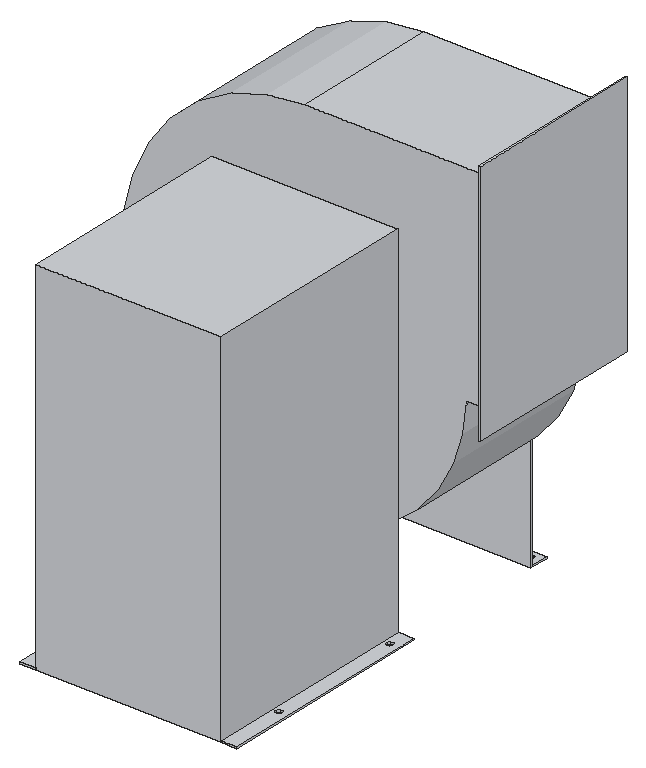
Revit family "CPA", category Mechanical Equipment, Revit 2019
Family settings
  Round Connector Dimension = Use Radius
  Part Type = Normal
  Work Plane-Based = No
  Always vertical = Yes
  Cut with Voids When Loaded = No
  Shared = No
  Room Calculation Point = No
Parameters (values of type "165-CPA_CLASS_1")
  Z = 7 3/16"
  Y = 8 5/8"
  X = 21 1/4"
  W+M = W + M  # 19 1/8"
  W+1.5+K+L = W + 1 1/2" + K + L  # 32 13/16"
  W+1.5 = W + 1 1/2"  # 5 1/2"
  W = 4"
  V = 8"
  Unit Weight [instance] = ""
  UNCHECK = not(CHECK)  # no
  UBD_CW [instance] = if(CW, (if(UBD, CHECK, UNCHECK)), UNCHECK)  # no
  UBD_CCW [instance] = if(CCW, (if(UBD, CHECK, UNCHECK)), UNCHECK)  # no
  UBD [instance] = no
  U-.125 = U - 1/8"  # 1 1/2"
  U = 1 5/8"
  THD_CW [instance] = if(CW, (if(THD, CHECK, UNCHECK)), UNCHECK)  # yes
  THD_CCW [instance] = if(CCW, (if(THD, CHECK, UNCHECK)), UNCHECK)  # no
  THD [instance] = yes
  TAU_CW [instance] = if(CW, (if(TAU, CHECK, UNCHECK)), UNCHECK)  # no
  TAU_CCW [instance] = if(CCW, (if(TAU, CHECK, UNCHECK)), UNCHECK)  # no
  TAU [instance] = no
  TAD_CW [instance] = if(CW, (if(TAD, CHECK, UNCHECK)), UNCHECK)  # no
  TAD_CCW [instance] = if(CCW, (if(TAD, CHECK, UNCHECK)), UNCHECK)  # no
  TAD [instance] = no
  T = 3/4"
  Sones [instance] = ""
  S/2 = S / 2  # 9/32"
  S = 9/16"
  R = 1"
  Q = 3"
  P-U = P - U  # 38 1/4"
  P = 39 7/8"
  N = 14 7/16"
  Motor RPM [instance] = ""
  Motor Enclosure [instance] = ""
  ModelID [instance] = ""
  M = 15 1/8"
  LwA [instance] = ""
  L = 15 5/16"
  K = 12"
  J = 15 13/16"
  H = 31 7/16"
  G-V = G - V  # 1 3/8"
  G = 9 3/8"
  Fan RPM [instance] = ""
  F-.125 = F - 1/8"  # 16 1/4"
  F = 16 3/8"
  E-F = E - F  # 15 11/16"
  E = 32 1/16"
  DBD_CW [instance] = if(CW, (if(DBD, CHECK, UNCHECK)), UNCHECK)  # no
  DBD_CCW [instance] = if(CCW, (if(DBD, CHECK, UNCHECK)), UNCHECK)  # no
  DBD [instance] = no
  D = 20 7/16"
  CW [instance] = yes
  CLASS = 1"
  CHECK = yes
  CCW [instance] = not(CW)  # no
  C/8*7 = C / 8 * 2.5  # 6 159/256"
  C/8 = C / 6  # 3 17/32"
  C/2 = C / 2  # 10 19/32"
  C = 21 3/16"
  Brake Hp [instance] = ""
  BHD_CW [instance] = if(CW, (if(BHD, CHECK, UNCHECK)), UNCHECK)  # no
  BHD_CCW [instance] = if(CCW, (if(BHD, CHECK, UNCHECK)), UNCHECK)  # no
  BHD [instance] = no
  BAU_CW [instance] = if(CW, (if(BAU, CHECK, UNCHECK)), UNCHECK)  # no
  BAU_CCW [instance] = if(CCW, (if(BAU, CHECK, UNCHECK)), UNCHECK)  # no
  BAU [instance] = no
  BAD_CW [instance] = if(CW, (if(BAD, CHECK, UNCHECK)), UNCHECK)  # no
  BAD_CCW [instance] = if(CCW, (if(BAD, CHECK, UNCHECK)), UNCHECK)  # no
  BAD [instance] = no
  B = 18 1/16"
  Accessories [instance] = ""
  A+.25 = A + 1/4"  # 12 7/8"
  A = 12 5/8"
  CUT = 2"
  3" = 3"  # constant formula
  1'8" = 20"  # constant formula
  0 = 0"  # constant formula
  Voltage [instance] = 0 V
  URL = "www.lorencook.com"
  Type Comments = if(CLASS = 1", "Aluminum Flat Blade Centrifugal Blower Arrangement 10 Class 1", "Aluminum Flat Blade Centrifugal Blower Arrangement 10 Class 2")  # "Aluminum Flat Blade Centrifugal Blower Arrangement 10 Class 1"
  Static Pressure [instance] = 0.00 in-wg
  Power [instance] = Voltage * Motor FLA * sqrt(if(Phase = 3, 3, 1))  # 0 VA
  Phase [instance] = 0
  Number of Poles [instance] = 1
  Motor Hp [instance] = "0"
  Motor FLA [instance] = 0 A
  Model = if(CLASS = 1", "CPA_CLASS_1", "CPA_CLASS_2")  # "CPA_CLASS_1"
  Manufacturer = "Loren Cook Company"
  CFM [instance] = 0 CFM
  1.5 = 1 1/2"  # constant formula
  ONE EIGTH = 1/8"  # constant formula
  -1.5 = -1 1/2"  # constant formula
  -.125 = -1/8"  # constant formula
  -(A+.25) = -(A + 1/4")  # -12 7/8"
  (C/2)-1.5 = (C / 2) - 1 1/2"  # 9 3/32"
  (C/2)-.25 = (C / 2) - 1/4"  # 10 11/32"
Types (34): name | Z | Y | X | W+M | W+1.5+K+L | W+1.5 | W | V | U-.125 | U | THD_CW | THD_CCW | T | S/2 | S | R | Q | P-U | P | N | M | L | K | J | H | G-V | G | F-.125 | F | E-F | E | D | CW | CLASS | CCW | C/8*7 | C/8 | C/2 | C | B | A+.25 | A | CUT | Type Comments | Model | -(A+.25) | (C/2)-1.5 | (C/2)-.25
  (no name) | 7 3/16" | 8 5/8" | 21 1/4" | 19 1/8" | 32 13/16" | 5 1/2" | 4" | 8" | 1 1/2" | 1 5/8" | yes | no | 3/4" | 9/32" | 9/16" | 1" | 3" | 38 1/4" | 39 7/8" | 14 7/16" | 15 1/8" | 15 5/16" | 12" | 15 13/16" | 31 7/16" | 1 3/8" | 9 3/8" | 16 1/4" | 16 3/8" | 15 11/16" | 32 1/16" | 20 7/16" | yes | 1" | no | 6 159/256" | 3 17/32" | 10 19/32" | 21 3/16" | 18 1/16" | 12 7/8" | 12 5/8" | 2" | "Aluminum Flat Blade Centrifugal Blower Arrangement 10 Class 1" | "CPA_CLASS_1" | -12 7/8" | 9 3/32" | 10 11/32"
  135-CPA_CLASS_1 | 6" | 8 5/8" | 17 15/16" | 19 1/8" | 30 1/2" | 5 1/2" | 4" | 8" | 1 1/2" | 1 5/8" | yes | no | 3/4" | 9/32" | 9/16" | 1" | 3" | 32 9/16" | 34 3/16" | 12 1/8" | 15 1/8" | 13" | 12" | 13 1/2" | 27" | 1 3/8" | 9 3/8" | 13 3/4" | 13 7/8" | 12 13/16" | 26 11/16" | 18" | yes | 1" | no | 5 65/128" | 2 15/16" | 8 13/16" | 17 5/8" | 14 3/4" | 10 9/16" | 10 5/16" | 2" | "Aluminum Flat Blade Centrifugal Blower Arrangement 10 Class 1" | "CPA_CLASS_1" | -10 9/16" | 7 5/16" | 8 9/16"
  150-CPA_CLASS_1 | 6 9/16" | 8 5/8" | 19 5/8" | 19 1/8" | 31 5/8" | 5 1/2" | 4" | 8" | 1 1/2" | 1 5/8" | yes | no | 3/4" | 9/32" | 9/16" | 1" | 3" | 35 1/2" | 37 1/8" | 13 1/4" | 15 1/8" | 14 1/8" | 12" | 14 5/8" | 29 1/16" | 1 3/8" | 9 3/8" | 15 3/16" | 15 5/16" | 14 1/4" | 29 9/16" | 19 1/16" | yes | 1" | no | 5 125/128" | 3 3/16" | 9 9/16" | 19 1/8" | 16 7/16" | 11 11/16" | 11 7/16" | 2" | "Aluminum Flat Blade Centrifugal Blower Arrangement 10 Class 1" | "CPA_CLASS_1" | -11 11/16" | 8 1/16" | 9 5/16"
  165-CPA_CLASS_1 | 7 3/16" | 8 5/8" | 21 1/4" | 19 1/8" | 32 13/16" | 5 1/2" | 4" | 8" | 1 1/2" | 1 5/8" | yes | no | 3/4" | 9/32" | 9/16" | 1" | 3" | 38 1/4" | 39 7/8" | 14 7/16" | 15 1/8" | 15 5/16" | 12" | 15 13/16" | 31 7/16" | 1 3/8" | 9 3/8" | 16 1/4" | 16 3/8" | 15 11/16" | 32 1/16" | 20 7/16" | yes | 1" | no | 6 159/256" | 3 17/32" | 10 19/32" | 21 3/16" | 18 1/16" | 12 7/8" | 12 5/8" | 2" | "Aluminum Flat Blade Centrifugal Blower Arrangement 10 Class 1" | "CPA_CLASS_1" | -12 7/8" | 9 3/32" | 10 11/32"
  180-CPA_CLASS_1 | 7 3/4" | 9 5/8" | 22 7/8" | 19 1/8" | 33 15/16" | 5 1/2" | 4" | 9" | 1 1/2" | 1 5/8" | yes | no | 3/4" | 9/32" | 9/16" | 1 3/16" | 3" | 41 1/2" | 43 1/8" | 15 9/16" | 15 1/8" | 16 7/16" | 12" | 16 15/16" | 33 9/16" | 1 3/8" | 10 3/8" | 17 1/2" | 17 5/8" | 17 1/8" | 34 3/4" | 22 1/16" | yes | 1" | no | 7 23/256" | 3 25/32" | 11 11/32" | 22 11/16" | 19 11/16" | 14" | 13 3/4" | 2" | "Aluminum Flat Blade Centrifugal Blower Arrangement 10 Class 1" | "CPA_CLASS_1" | -14" | 9 27/32" | 11 3/32"
  195-CPA_CLASS_1 | 8 5/16" | 9 5/8" | 24 1/2" | 22 1/8" | 38 1/8" | 5 1/2" | 4" | 9" | 1 1/2" | 1 5/8" | yes | no | 3/4" | 9/32" | 9/16" | 1 3/16" | 3" | 44 3/4" | 46 3/8" | 16 3/4" | 18 1/8" | 17 5/8" | 15" | 18 3/16" | 35 11/16" | 1 3/8" | 10 3/8" | 17 11/16" | 17 13/16" | 18 1/2" | 36 5/16" | 23 11/16" | yes | 1" | no | 7 143/256" | 4 1/32" | 12 3/32" | 24 3/16" | 21 5/16" | 15 3/16" | 14 15/16" | 2" | "Aluminum Flat Blade Centrifugal Blower Arrangement 10 Class 1" | "CPA_CLASS_1" | -15 3/16" | 10 19/32" | 11 27/32"
  210-CPA_CLASS_1 | 8 7/8" | 10 5/8" | 26 3/16" | 23 1/8" | 40 1/4" | 6 1/2" | 5" | 10" | 1 1/2" | 1 5/8" | yes | no | 3/4" | 9/32" | 9/16" | 1 7/16" | 4" | 48 1/8" | 49 3/4" | 17 7/8" | 18 1/8" | 18 3/4" | 15" | 19 5/16" | 38 7/8" | 1 3/8" | 11 3/8" | 19 7/8" | 20" | 19 15/16" | 39 15/16" | 25 3/8" | yes | 1" | no | 8 27/256" | 4.32292" | 12 31/32" | 25 15/16" | 23" | 16 5/16" | 16 1/16" | 2" | "Aluminum Flat Blade Centrifugal Blower Arrangement 10 Class 1" | "CPA_CLASS_1" | -16 5/16" | 11 15/32" | 12 23/32"
  225-CPA_CLASS_1 | 9 7/16" | 11 1/8" | 27 13/16" | 23 1/8" | 41 3/8" | 6 1/2" | 5" | 10 1/2" | 1 1/2" | 1 5/8" | yes | no | 3/4" | 9/32" | 9/16" | 1 7/16" | 4" | 51 3/8" | 53" | 19" | 18 1/8" | 19 7/8" | 15" | 20 7/16" | 41" | 1 3/8" | 11 7/8" | 20 1/2" | 20 5/8" | 21 3/8" | 42" | 27" | yes | 1" | no | 8 147/256" | 4.57292" | 13 23/32" | 27 7/16" | 24 5/8" | 17 7/16" | 17 3/16" | 2" | "Aluminum Flat Blade Centrifugal Blower Arrangement 10 Class 1" | "CPA_CLASS_1" | -17 7/16" | 12 7/32" | 13 15/32"
  245-CPA_CLASS_1 | 10 1/2" | 12 3/8" | 31" | 23 1/8" | 43 3/16" | 6 1/2" | 5" | 11 1/2" | 2" | 2 1/8" | yes | no | 1" | 11/32" | 11/16" | 1 11/16" | 4" | 56 1/8" | 58 1/4" | 21 1/16" | 18 1/8" | 21 11/16" | 15" | 23" | 44 5/8" | 1 7/8" | 13 3/8" | 21 5/8" | 21 3/4" | 23 5/16" | 45 1/16" | 29 5/8" | yes | 1" | no | 9 51/256" | 4 29/32" | 14 23/32" | 29 7/16" | 26 13/16" | 19" | 18 3/4" | 2" | "Aluminum Flat Blade Centrifugal Blower Arrangement 10 Class 1" | "CPA_CLASS_1" | -19" | 13 7/32" | 14 15/32"
  270-CPA_CLASS_1 | 11 7/16" | 13 3/8" | 33 3/4" | 26 1/8" | 48 1/16" | 6 1/2" | 5" | 12 1/2" | 2" | 2 1/8" | yes | no | 1" | 11/32" | 11/16" | 1 11/16" | 4" | 61 5/8" | 63 3/4" | 22 15/16" | 21 1/8" | 23 9/16" | 18" | 24 7/8" | 48 7/8" | 1 7/8" | 14 3/8" | 23 1/4" | 23 3/8" | 25 11/16" | 49 1/16" | 32 3/8" | yes | 1" | no | 9 251/256" | 5.32292" | 15 31/32" | 31 15/16" | 29 9/16" | 20 7/8" | 20 5/8" | 2 1/4" | "Aluminum Flat Blade Centrifugal Blower Arrangement 10 Class 1" | "CPA_CLASS_1" | -20 7/8" | 14 15/32" | 15 23/32"
  300-CPA_CLASS_1 | 12 5/8" | 14 5/16" | 37" | 26 3/16" | 50 1/2" | 6 1/2" | 5" | 13 1/2" | 2" | 2 1/8" | yes | no | 1" | 11/32" | 11/16" | 1 15/16" | 4" | 69 1/8" | 71 1/4" | 25 5/16" | 21 3/16" | 26" | 18" | 27 3/16" | 53 5/8" | 1 13/16" | 15 5/16" | 25 3/4" | 25 7/8" | 28 1/2" | 54 3/8" | 35 5/8" | yes | 1" | no | 10 235/256" | 5.82292" | 17 15/32" | 34 15/16" | 32 13/16" | 23 3/16" | 22 15/16" | 2 1/2" | "Aluminum Flat Blade Centrifugal Blower Arrangement 10 Class 1" | "CPA_CLASS_1" | -23 3/16" | 15 31/32" | 17 7/32"
  330-CPA_CLASS_1 | 13 3/4" | 15 13/16" | 40 5/16" | 26 3/16" | 52 13/16" | 6 1/2" | 5" | 15" | 2" | 2 1/8" | yes | no | 1" | 13/32" | 13/16" | 1 15/16" | 4" | 74 5/8" | 76 3/4" | 27 5/8" | 21 3/16" | 28 5/16" | 18" | 29 7/16" | 58 3/8" | 1 13/16" | 16 13/16" | 28 5/16" | 28 7/16" | 31 3/8" | 59 13/16" | 38 7/8" | yes | 1" | no | 11 219/256" | 6.32292" | 18 31/32" | 37 15/16" | 36 1/8" | 25 1/2" | 25 1/4" | 2 3/4" | "Aluminum Flat Blade Centrifugal Blower Arrangement 10 Class 1" | "CPA_CLASS_1" | -25 1/2" | 17 15/32" | 18 23/32"
  365-CPA_CLASS_1 | 15 1/16" | 16 13/16" | 44 3/16" | 30 3/16" | 59 7/16" | 7 1/2" | 6" | 16" | 2" | 2 1/8" | yes | no | 1" | 13/32" | 13/16" | 2 3/16" | 5" | 82 3/8" | 84 1/2" | 30 1/4" | 24 3/16" | 30 15/16" | 21" | 32 1/16" | 64 1/4" | 1 13/16" | 17 13/16" | 31 5/16" | 31 7/16" | 34 11/16" | 66 1/8" | 42 3/4" | yes | 1" | no | 12 243/256" | 6 29/32" | 20 23/32" | 41 7/16" | 39 15/16" | 28 1/8" | 27 7/8" | 3" | "Aluminum Flat Blade Centrifugal Blower Arrangement 10 Class 1" | "CPA_CLASS_1" | -28 1/8" | 19 7/32" | 20 15/32"
  402-CPA_CLASS_1 | 17" | 18 13/16" | 48 5/16" | 30 3/16" | 62 13/16" | 7 1/2" | 6" | 18" | 2" | 2 1/8" | yes | no | 1" | 13/32" | 13/16" | 2 3/16" | 5" | 90 3/8" | 92 1/2" | 34 1/8" | 24 3/16" | 34 5/16" | 21" | 34 15/16" | 70 1/4" | 1 13/16" | 19 13/16" | 34 9/16" | 34 11/16" | 38 1/4" | 72 15/16" | 46 3/4" | yes | 1" | no | 14 31/256" | 7 17/32" | 22 19/32" | 45 3/16" | 44 1/16" | 31" | 30 3/4" | 3 1/4" | "Aluminum Flat Blade Centrifugal Blower Arrangement 10 Class 1" | "CPA_CLASS_1" | -31" | 21 3/32" | 22 11/32"
  445-CPA_CLASS_1 | 18 5/8" | 20 13/16" | 52 15/16" | 34 3/16" | 70 1/16" | 7 1/2" | 6" | 20" | 2" | 2 1/8" | yes | no | 1" | 13/32" | 13/16" | 2 7/16" | 5" | 99 5/8" | 101 3/4" | 37 3/8" | 28 3/16" | 37 9/16" | 25" | 38 3/16" | 76 7/8" | 1 13/16" | 21 13/16" | 38 3/16" | 38 5/16" | 42 1/4" | 80 9/16" | 51 3/8" | yes | 1" | no | 15 115/256" | 8.23958" | 24 23/32" | 49 7/16" | 48 11/16" | 34 1/4" | 34" | 3 1/2" | "Aluminum Flat Blade Centrifugal Blower Arrangement 10 Class 1" | "CPA_CLASS_1" | -34 1/4" | 23 7/32" | 24 15/32"
  490-CPA_CLASS_1 | 20 3/8" | 22 13/16" | 57 7/8" | 34 3/16" | 73 1/2" | 7 1/2" | 6" | 22" | 2" | 2 1/8" | no | yes | 1" | 13/32" | 13/16" | 2 7/16" | 5" | 109 3/8" | 111 1/2" | 40 3/16" | 28 3/16" | 41" | 25" | 41 5/8" | 84 1/4" | 1 13/16" | 23 13/16" | 42 1/16" | 42 3/16" | 46 9/16" | 88 3/4" | 56 1/4" | no | 1" | yes | 17 3/16" | 9.16667" | 27 1/2" | 55" | 53 5/8" | 37 7/16" | 37 3/16" | 4" | "Aluminum Flat Blade Centrifugal Blower Arrangement 10 Class 1" | "CPA_CLASS_1" | -37 7/16" | 26" | 27 1/4"
  120-CPA_CLASS_1 | 5 7/16" | 8 5/8" | 16 5/16" | 17 1/8" | 27 3/8" | 5 1/2" | 4" | 8" | 1 1/2" | 1 5/8" | yes | no | 3/4" | 9/32" | 9/16" | 1" | 3" | 30 15/16" | 32 9/16" | 11" | 13 1/8" | 11 7/8" | 10" | 12 3/8" | 26 1/4" | 1 3/8" | 9 3/8" | 13 1/4" | 13 3/8" | 11 7/16" | 24 13/16" | 18" | yes | 1" | no | 5 5/128" | 2 11/16" | 8 1/16" | 16 1/8" | 13 1/8" | 9 7/16" | 9 3/16" | 2 1/2" | "Aluminum Flat Blade Centrifugal Blower Arrangement 10 Class 1" | "CPA_CLASS_1" | -9 7/16" | 6 9/16" | 7 13/16"
  100-CPA_CLASS_1 | 4 5/8" | 8 5/8" | 14 1/16" | 17 1/8" | 25 3/4" | 5 1/2" | 4" | 8" | 1 1/2" | 1 5/8" | yes | no | 3/4" | 9/32" | 9/16" | 1" | 3" | 28 3/4" | 30 3/8" | 9 3/8" | 13 1/8" | 10 1/4" | 10" | 10 3/4" | 25 1/4" | 1 3/8" | 9 3/8" | 12 5/8" | 12 3/4" | 9 1/2" | 22 1/4" | 18" | yes | 1" | no | 4 53/128" | 2.35417" | 7 1/16" | 14 1/8" | 10 15/16" | 7 13/16" | 7 9/16" | 3 1/2" | "Aluminum Flat Blade Centrifugal Blower Arrangement 10 Class 1" | "CPA_CLASS_1" | -7 13/16" | 5 9/16" | 6 13/16"
  120-CPA_CLASS_2 | 5 9/16" | 9 5/8" | 16 5/16" | 25 1/8" | 35 13/16" | 5 1/2" | 4" | 9" | 1 1/2" | 1 5/8" | yes | no | 3/4" | 9/32" | 9/16" | 1 7/16" | 3" | 35" | 36 5/8" | 11 1/4" | 21 1/8" | 12 5/16" | 18" | 12 3/8" | 30 1/4" | 1 3/8" | 10 3/8" | 13 1/4" | 13 3/8" | 11 1/2" | 24 7/8" | 22" | yes | 2" | no | 5 5/128" | 2 11/16" | 8 1/16" | 16 1/8" | 13 1/8" | 9 7/16" | 9 3/16" | 2 1/2" | "Aluminum Flat Blade Centrifugal Blower Arrangement 10 Class 2" | "CPA_CLASS_2" | -9 7/16" | 6 9/16" | 7 13/16"
  135-CPA_CLASS_2 | 6 1/8" | 9 5/8" | 17 15/16" | 25 1/8" | 36 15/16" | 5 1/2" | 4" | 9" | 1 1/2" | 1 5/8" | yes | no | 3/4" | 9/32" | 9/16" | 1 7/16" | 3" | 36 5/8" | 38 1/4" | 12 3/8" | 21 1/8" | 13 7/16" | 18" | 13 1/2" | 31" | 1 3/8" | 10 3/8" | 13 3/4" | 13 7/8" | 12 7/8" | 26 3/4" | 22" | yes | 2" | no | 5 65/128" | 2 15/16" | 8 13/16" | 17 5/8" | 13 1/8" | 10 9/16" | 10 5/16" | 2" | "Aluminum Flat Blade Centrifugal Blower Arrangement 10 Class 2" | "CPA_CLASS_2" | -10 9/16" | 7 5/16" | 8 9/16"
  150-CPA_CLASS_2 | 6 11/16" | 10 1/8" | 19 5/8" | 25 1/8" | 38 123/128" | 5 1/2" | 4" | 9 1/2" | 1 1/2" | 1 5/8" | yes | no | 3/4" | 9/32" | 9/16" | 1 7/16" | 3" | 38 1/4" | 39 7/8" | 13 1/2" | 21 1/8" | 15 59/128" | 18" | 14 5/8" | 32" | 1 3/8" | 10 7/8" | 15 3/16" | 15 5/16" | 14 5/16" | 29 5/8" | 22" | yes | 2" | no | 5 125/128" | 3 3/16" | 9 9/16" | 19 1/8" | 16 7/16" | 11 11/16" | 11 7/16" | 2" | "Aluminum Flat Blade Centrifugal Blower Arrangement 10 Class 2" | "CPA_CLASS_2" | -11 11/16" | 8 1/16" | 9 5/16"
  165-CPA_CLASS_2 | 7 5/8" | 12 1/4" | 21 1/4" | 29 1/4" | 43 3/4" | 5 1/2" | 4" | 11 1/4" | 1 1/2" | 1 5/8" | yes | no | 3/4" | 9/32" | 9/16" | 1 7/16" | 3" | 41 7/8" | 43 1/2" | 15 1/16" | 25 1/4" | 16 1/8" | 22 1/8" | 15 13/16" | 35" | 1 3/4" | 13" | 16 1/4" | 16 3/8" | 15 3/4" | 32 1/8" | 24" | yes | 2" | no | 6 159/256" | 3 17/32" | 10 19/32" | 21 3/16" | 18 1/16" | 12 7/8" | 12 5/8" | 2" | "Aluminum Flat Blade Centrifugal Blower Arrangement 10 Class 2" | "CPA_CLASS_2" | -12 7/8" | 9 3/32" | 10 11/32"
  180-CPA_CLASS_2 | 8 3/16" | 12 1/4" | 22 7/8" | 29 1/4" | 44 7/8" | 5 1/2" | 4" | 11 1/4" | 1 1/2" | 1 5/8" | yes | no | 3/4" | 9/32" | 9/16" | 1 11/16" | 3" | 43 1/2" | 45 1/8" | 16 3/16" | 25 1/4" | 17 1/4" | 22 1/8" | 16 15/16" | 35 1/2" | 1 3/4" | 13" | 17 1/2" | 17 5/8" | 17 3/16" | 34 13/16" | 24" | yes | 2" | no | 7 23/256" | 3 25/32" | 11 11/32" | 22 11/16" | 19 11/16" | 14" | 13 3/4" | 2" | "Aluminum Flat Blade Centrifugal Blower Arrangement 10 Class 2" | "CPA_CLASS_2" | -14" | 9 27/32" | 11 3/32"
  195-CPA_CLASS_2 | 8 13/16" | 13" | 24 1/2" | 29 1/4" | 46 1/8" | 5 1/2" | 4" | 12" | 1 1/2" | 1 5/8" | yes | no | 3/4" | 9/32" | 9/16" | 1 11/16" | 3" | 45 3/8" | 47" | 17 3/8" | 25 1/4" | 18 1/2" | 22 1/8" | 18 3/16" | 36 1/4" | 1 3/4" | 13 3/4" | 17 11/16" | 17 13/16" | 18 9/16" | 36 3/8" | 24 1/4" | yes | 2" | no | 7 143/256" | 4 1/32" | 12 3/32" | 24 3/16" | 21 5/16" | 15 3/16" | 14 15/16" | 2" | "Aluminum Flat Blade Centrifugal Blower Arrangement 10 Class 2" | "CPA_CLASS_2" | -15 3/16" | 10 19/32" | 11 27/32"
  210-CPA_CLASS_2 | 9 3/8" | 13" | 26 3/16" | 30 1/4" | 48 1/4" | 6 1/2" | 5" | 12" | 1 1/2" | 1 5/8" | yes | no | 3/4" | 9/32" | 9/16" | 1 11/16" | 4" | 48 3/16" | 49 13/16" | 18 1/2" | 25 1/4" | 19 5/8" | 22 1/8" | 19 5/16" | 39" | 1 3/4" | 13 3/4" | 19 7/8" | 20" | 20" | 40" | 25 3/8" | yes | 2" | no | 8 27/256" | 4.32292" | 12 31/32" | 25 15/16" | 23" | 16 5/16" | 16 1/16" | 2" | "Aluminum Flat Blade Centrifugal Blower Arrangement 10 Class 2" | "CPA_CLASS_2" | -16 5/16" | 11 15/32" | 12 23/32"
  225-CPA_CLASS_2 | 10 1/16" | 13 1/8" | 27 13/16" | 30 1/4" | 49 1/2" | 6 1/2" | 5" | 12 1/16" | 1 1/2" | 1 5/8" | yes | no | 3/4" | 9/32" | 9/16" | 1 11/16" | 4" | 51 9/16" | 53 3/16" | 19 3/4" | 25 1/4" | 20 7/8" | 22 1/8" | 20 7/16" | 41" | 1 13/16" | 13 7/8" | 20 1/2" | 20 5/8" | 21 7/16" | 42 1/16" | 27" | yes | 2" | no | 8 147/256" | 4.57292" | 13 23/32" | 27 7/16" | 24 5/8" | 17 7/16" | 17 3/16" | 2" | "Aluminum Flat Blade Centrifugal Blower Arrangement 10 Class 2" | "CPA_CLASS_2" | -17 7/16" | 12 7/32" | 13 15/32"
  245-CPA_CLASS_2 | 10 5/8" | 13 15/16" | 31" | 32 5/16" | 52 15/16" | 6 1/2" | 5" | 13 1/8" | 2" | 2 1/8" | yes | no | 1" | 11/32" | 11/16" | 1 15/16" | 4" | 56 3/16" | 58 5/16" | 21 5/16" | 27 5/16" | 22 5/16" | 24 1/8" | 23" | 44 5/8" | 1 13/16" | 14 15/16" | 21 5/8" | 21 3/4" | 23 3/8" | 45 1/8" | 29 5/8" | yes | 2" | no | 9 51/256" | 4 29/32" | 14 23/32" | 29 7/16" | 26 13/16" | 19" | 18 3/4" | 2" | "Aluminum Flat Blade Centrifugal Blower Arrangement 10 Class 2" | "CPA_CLASS_2" | -19" | 13 7/32" | 14 15/32"
  270-CPA_CLASS_2 | 12 1/16" | 14 7/16" | 33 3/4" | 32 5/16" | 55 5/16" | 6 1/2" | 5" | 13 1/8" | 2" | 2 1/8" | yes | no | 1" | 11/32" | 11/16" | 1 15/16" | 4" | 61 11/16" | 63 13/16" | 23 11/16" | 27 5/16" | 24 11/16" | 24 1/8" | 24 7/8" | 48 7/8" | 2 5/16" | 15 7/16" | 23 1/4" | 23 3/8" | 25 3/4" | 49 1/8" | 32 3/8" | yes | 2" | no | 9 251/256" | 5.32292" | 15 31/32" | 31 15/16" | 29 9/16" | 20 7/8" | 20 5/8" | 2 1/4" | "Aluminum Flat Blade Centrifugal Blower Arrangement 10 Class 2" | "CPA_CLASS_2" | -20 7/8" | 14 15/32" | 15 23/32"
  300-CPA_CLASS_2 | 13 5/16" | 15 1/16" | 37" | 34 3/16" | 59 11/16" | 6 1/2" | 5" | 13 11/16" | 2" | 2 1/8" | yes | no | 1" | 11/32" | 11/16" | 2 3/16" | 4" | 68 1/4" | 70 3/8" | 26 3/16" | 29 3/16" | 27 3/16" | 26" | 27 3/16" | 53 5/8" | 2 3/8" | 16 1/16" | 25 3/4" | 25 7/8" | 28 5/8" | 54 1/2" | 35 5/8" | yes | 2" | no | 10 235/256" | 5.82292" | 17 15/32" | 34 15/16" | 32 13/16" | 23 3/16" | 22 15/16" | 2 1/2" | "Aluminum Flat Blade Centrifugal Blower Arrangement 10 Class 2" | "CPA_CLASS_2" | -23 3/16" | 15 31/32" | 17 7/32"
  330-CPA_CLASS_2 | 14 9/16" | 16 5/8" | 40 5/16" | 34 3/16" | 62 1/16" | 6 1/2" | 5" | 15 1/4" | 2" | 2 1/8" | yes | no | 1" | 13/32" | 13/16" | 2 3/16" | 4" | 74 3/4" | 76 7/8" | 28 9/16" | 29 3/16" | 29 9/16" | 26" | 29 7/16" | 58 3/8" | 2 3/8" | 17 5/8" | 28 5/16" | 28 7/16" | 31 1/2" | 59 15/16" | 38 7/8" | yes | 2" | no | 11 219/256" | 6.32292" | 18 31/32" | 37 15/16" | 36 1/8" | 25 1/2" | 25 1/4" | 2 3/4" | "Aluminum Flat Blade Centrifugal Blower Arrangement 10 Class 2" | "CPA_CLASS_2" | -25 1/2" | 17 15/32" | 18 23/32"
  365-CPA_CLASS_2 | 16 1/8" | 17 13/16" | 44 3/16" | 35 1/4" | 66 1/16" | 7 1/2" | 6" | 16 3/16" | 2" | 2 1/8" | yes | no | 1" | 13/32" | 13/16" | 2 7/16" | 5" | 82 3/8" | 84 1/2" | 31 7/16" | 29 1/4" | 32 9/16" | 26" | 32 1/16" | 64 1/4" | 2 5/8" | 18 13/16" | 31 5/16" | 31 7/16" | 34 3/4" | 66 3/16" | 42 3/4" | yes | 2" | no | 12 243/256" | 6 29/32" | 20 23/32" | 41 7/16" | 39 15/16" | 28 1/8" | 27 7/8" | 3" | "Aluminum Flat Blade Centrifugal Blower Arrangement 10 Class 2" | "CPA_CLASS_2" | -28 1/8" | 19 7/32" | 20 15/32"
  60-CPA_CLASS_1 | 4 5/8" | 8 5/8" | 14 1/16" | 17 1/8" | 25 3/4" | 5 1/2" | 4" | 8" | 1 1/2" | 1 5/8" | yes | no | 3/4" | 9/32" | 9/16" | 1" | 3" | 28 3/4" | 30 3/8" | 9 3/8" | 13 1/8" | 10 1/4" | 10" | 10 3/4" | 25 1/4" | 1 3/8" | 9 3/8" | 12 5/8" | 12 3/4" | 9 1/2" | 22 1/4" | 18" | yes | 1" | no | 4 53/128" | 2.35417" | 7 1/16" | 14 1/8" | 10 15/16" | 7 13/16" | 7 9/16" | 3 1/2" | "Aluminum Flat Blade Centrifugal Blower Arrangement 10 Class 1" | "CPA_CLASS_1" | -7 13/16" | 5 9/16" | 6 13/16"
  70-CPA_CLASS_1 | 4 5/8" | 8 5/8" | 14 1/16" | 17 1/8" | 25 3/4" | 5 1/2" | 4" | 8" | 1 1/2" | 1 5/8" | yes | no | 3/4" | 9/32" | 9/16" | 1" | 3" | 28 3/4" | 30 3/8" | 9 3/8" | 13 1/8" | 10 1/4" | 10" | 10 3/4" | 25 1/4" | 1 3/8" | 9 3/8" | 12 5/8" | 12 3/4" | 9 1/2" | 22 1/4" | 18" | yes | 1" | no | 4 53/128" | 2.35417" | 7 1/16" | 14 1/8" | 10 15/16" | 7 13/16" | 7 9/16" | 3 1/2" | "Aluminum Flat Blade Centrifugal Blower Arrangement 10 Class 1" | "CPA_CLASS_1" | -7 13/16" | 5 9/16" | 6 13/16"
  80-CPA_CLASS_1 | 4 5/8" | 8 5/8" | 14 1/16" | 17 1/8" | 25 3/4" | 5 1/2" | 4" | 8" | 1 1/2" | 1 5/8" | yes | no | 3/4" | 9/32" | 9/16" | 1" | 3" | 28 3/4" | 30 3/8" | 9 3/8" | 13 1/8" | 10 1/4" | 10" | 10 3/4" | 25 1/4" | 1 3/8" | 9 3/8" | 12 5/8" | 12 3/4" | 9 1/2" | 22 1/4" | 18" | yes | 1" | no | 4 53/128" | 2.35417" | 7 1/16" | 14 1/8" | 10 15/16" | 7 13/16" | 7 9/16" | 3 1/2" | "Aluminum Flat Blade Centrifugal Blower Arrangement 10 Class 1" | "CPA_CLASS_1" | -7 13/16" | 5 9/16" | 6 13/16"
Reference planes (in)
  plane 1 "Center (Front/Back)": y = 0
  plane 2: z = 0
  plane 3 "Center (Left/Right)": x = 0.40541
  plane 4: z = 20.4375
Forms (in)
  Extrusion 1, solid
    sketch origin (0, 0, 0) x (1, 0, 0) y (0, 1, 0)
      loop
        line (-7.59459, 0) -> (-7.59459, -19.125) -> (8.40541, -19.125) -> (8.40541, 0) -> (-7.59459, 0)
    from 0 to 31.4375 <- "H"
  Extrusion 2, solid
    sketch origin (0, 0, 0) x (1, 0, 0) y (0, 1, 0)
      loop
        line (-7.59459, 0) -> (-8.96959, 0) -> (-8.96959, -19.125) -> (-7.59459, -19.125) -> (-7.59459, 0)
      loop
        line (8.40541, 0) -> (8.40541, -19.125) -> (9.78041, -19.125) -> (9.78041, 0) -> (8.40541, 0)
    from 0 to 0.125 <- "ONE EIGTH"
  Extrusion 3, solid
    sketch origin (0, 0, 0) x (1, 0, 0) y (0, 1, 0)
      loop
        line (-8.96959, 14.4375) -> (-8.96959, 12.875) -> (9.78041, 12.875) -> (9.78041, 14.4375) -> (-8.96959, 14.4375)
    from 0 to 0.125 <- "ONE EIGTH"
  Extrusion 4, solid
    sketch origin (9.78041, 12.875, 0) x (-1, 0, 0) y (0, 0, -1)
      loop
        line (18.75, 0) -> (0, 0) -> (0, -20.4375) -> (18.75, -20.4375) -> (18.75, 0)
    from 0 to 0.125 <- "ONE EIGTH"
  Extrusion 5, void
    sketch origin (9.78041, 12.875, 0) x (1, 0, 0) y (0, 0, -1)
      loop
        circle (-9.375, -20.4375) r 10.59375
    from -0.125 <- "-.125" to 0 <- "0"
  Extrusion 6, void
    sketch origin (0, 0, 0) x (1, 0, 0) y (0, 1, 0)
      loop
        circle (9.03041, -1.625) r 0.28125
      loop
        circle (9.03041, -13.625) r 0.28125
      loop
        circle (-8.21959, -13.625) r 0.28125
      loop
        circle (-8.21959, -1.625) r 0.28125
    from -12 to 12
  Extrusion 7, void
    sketch origin (0, 0, 0) x (1, 0, 0) y (0, 1, 0)
      loop
        circle (9.03041, 13.6875) r 0.28125
      loop
        circle (-8.21959, 13.6875) r 0.28125
    from -0.125 <- "-.125" to 0.125 <- "ONE EIGTH"
  Extrusion 8, solid
    sketch origin (9.78041, 12.75, 0) x (-1, 0, 0) y (0, 0, -1)
      loop
        circle (9.375, -20.4375) r 10.59375
      loop
        circle (9.375, -20.4375) r 10.34375
    from 0 to -1.5 <- "-1.5"
Cuts and joins
  Extrusion 5, Extrusion 7 cuts Extrusion 4
  Extrusion 6 cuts Extrusion 1
  Extrusion 6 cuts Extrusion 2
  Extrusion 7 cuts Extrusion 3
Lines and regions (in)
  reference lines, not visible
    curve 1: line (0.40541, 57, 20.4375) -> (0.40541, -58, 20.4375)
Dimensions and locks (in)
  "0": Extrusion 1 sketch curve to plane 1 "Center (Front/Back)"
  "W+M": plane 1 "Center (Front/Back)" to Extrusion 1 sketch curve
  "V": plane 3 "Center (Left/Right)" to Extrusion 1 sketch curve
  "V": Extrusion 1 sketch curve to plane 3 "Center (Left/Right)"
  "0": Extrusion 2 sketch curve to plane 1 "Center (Front/Back)"  (x2)
  "0": Extrusion 1 to Extrusion 2 sketch curve  (x2)
  "0": Extrusion 2 sketch curve to Extrusion 1  (x2)
  "G-V": Extrusion 2 sketch curve to Extrusion 2 sketch curve  (x2)
  "N": plane 1 "Center (Front/Back)" to Extrusion 3 sketch curve
  "A+.25": Extrusion 3 sketch curve to plane 1 "Center (Front/Back)"
  "0": Extrusion 2 to Extrusion 3 sketch curve  (x2)
  "0": Extrusion 1 to Extrusion 4 sketch curve
  "D": Extrusion 4 sketch curve to Extrusion 4 sketch curve
  "0": Extrusion 4 sketch curve to Extrusion 2  (x2)
  "D": Extrusion 1 to Extrusion 5 sketch curve
  "V": Extrusion 1 to Extrusion 5 sketch curve
  "Y": plane 3 "Center (Left/Right)" to Extrusion 6 sketch curve  (x2)
  "Y": Extrusion 6 sketch curve to plane 3 "Center (Left/Right)"  (x2)
  "W+1.5": Extrusion 1 to Extrusion 6 sketch curve  (x2)
  "K": Extrusion 6 sketch curve to Extrusion 6 sketch curve  (x2)
  "W+1.5+K+L": cut or joined group of Extrusion 1, Extrusion 6 to Extrusion 7 sketch curve  (x2)
  "V": cut or joined group of Extrusion 1, Extrusion 6 to Extrusion 8 sketch curve  (x2)
  "D": Extrusion 8 sketch curve to cut or joined group of Extrusion 1, Extrusion 6  (x2)
  "T": Extrusion 7 sketch curve to cut or joined group of Extrusion 3, Extrusion 7
  "T": cut or joined group of Extrusion 3, Extrusion 7 to Extrusion 7 sketch curve
  "D": plane 4 to level
  "C/2": radius of Extrusion 5 sketch curve
  "S/2": radius of Extrusion 6 sketch curve  (x4)
  "S/2": radius of Extrusion 7 sketch curve  (x2)
  "C/2": radius of Extrusion 8 sketch curve
  "(C/2)-.25": radius of Extrusion 8 sketch curve
  aligned and locked: plane 1 "Center (Front/Back)" to nested 1
  aligned and locked: curve 1 to plane 4
  aligned and locked: plane 3 "Center (Left/Right)" to nested 8
  aligned and locked: nested 8 to plane 4
  aligned and locked: plane 3 "Center (Left/Right)" to nested 3
  aligned and locked: nested 3 to nested 8
  aligned and locked: nested 8 to nested 7
  aligned and locked: nested 7 to plane 3 "Center (Left/Right)"
  aligned and locked: nested 5 to nested 8
  aligned and locked: nested 5 to plane 3 "Center (Left/Right)"
  aligned and locked: nested 1 to nested 8
  aligned and locked: nested 1 to nested 7
  aligned and locked: nested 2 to nested 1
  aligned and locked: nested 2 to nested 3
  aligned and locked: nested 2 to nested 5
  aligned and locked: nested 4 to nested 2
  aligned and locked: nested 6 to nested 1
  aligned and locked: plane 1 "Center (Front/Back)" to nested 12
  aligned and locked: plane 1 "Center (Front/Back)" to nested 11
  aligned and locked: plane 1 "Center (Front/Back)" to nested 10
  aligned and locked: plane 1 "Center (Front/Back)" to nested 16
  aligned and locked: plane 1 "Center (Front/Back)" to nested 15
  aligned and locked: plane 1 "Center (Front/Back)" to nested 9
  aligned and locked: plane 1 "Center (Front/Back)" to nested 14
  aligned and locked: plane 1 "Center (Front/Back)" to nested 13
  aligned and locked: nested 12 to plane 4
  aligned and locked: plane 3 "Center (Left/Right)" to nested 12
  aligned and locked: nested 12 to nested 13
  aligned and locked: nested 13 to plane 3 "Center (Left/Right)"
  aligned and locked: nested 16 to nested 12
  aligned and locked: plane 3 "Center (Left/Right)" to nested 16
  aligned and locked: nested 9 to nested 12
  aligned and locked: nested 9 to plane 3 "Center (Left/Right)"
  aligned and locked: nested 15 to curve 1  (x2)
  aligned and locked: nested 1 to curve 1  (x2)
  aligned and locked: nested 2 to curve 1  (x2)
  aligned and locked: nested 4 to curve 1  (x2)
  aligned and locked: nested 6 to curve 1  (x2)
  aligned and locked: nested 14 to curve 1  (x2)
  aligned and locked: nested 10 to curve 1  (x2)
  aligned and locked: nested 11 to curve 1  (x2)
Automatic sketch dimensions
  plane 1 "Center (Front/Back)" to curve 1 = 58"
  curve 1 to plane 1 "Center (Front/Back)" = 57"
Nested families (in)
  nested 1: "CP_Scroll_Housing" at (-14.33275, 0, 6.27267) x (0.7071, 0, -0.7071) z (0.7071, 0, 0.7071), visible <- "TAD_CW", type "Scroll"
    with Voltage 0 V, Unit Weight "", Static Pressure 0.00 in-wg, Sones "", Power 0 VA, Phase 0, Number of Poles 1, Motor RPM "", Motor Hp "0", Motor FLA 0 A, Motor Enclosure "", ModelID "", LwA "", Fan RPM "", CFM 0 CFM, Brake Hp "", Accessories ""
  nested 2: "CP_Scroll_Housing" at (14.57024, 0, 5.69934) x (0.7071, 0, 0.7071) z (-0.7071, 0, 0.7071), visible <- "TAU_CW", type "Scroll"
    with Voltage 0 V, Unit Weight "", Static Pressure 0.00 in-wg, Sones "", Power 0 VA, Phase 0, Number of Poles 1, Motor RPM "", Motor Hp "0", Motor FLA 0 A, Motor Enclosure "", ModelID "", LwA "", Fan RPM "", CFM 0 CFM, Brake Hp "", Accessories ""
  nested 3: "CP_Scroll_Housing" at (20.84291, 0, 20.03209) x (0, 0, 1) z (-1, 0, 0), visible <- "UBD_CW", type "Scroll"
    with Voltage 0 V, Unit Weight "", Static Pressure 0.00 in-wg, Sones "", Power 0 VA, Phase 0, Number of Poles 1, Motor RPM "", Motor Hp "0", Motor FLA 0 A, Motor Enclosure "", ModelID "", LwA "", Fan RPM "", CFM 0 CFM, Brake Hp "", Accessories ""
  nested 4: "CP_Scroll_Housing" at (15.14358, 0, 34.60233) x (-0.7071, 0, 0.7071) z (-0.7071, 0, -0.7071), visible <- "BAU_CW", type "Scroll"
    with Voltage 0 V, Unit Weight "", Static Pressure 0.00 in-wg, Sones "", Power 0 VA, Phase 0, Number of Poles 1, Motor RPM "", Motor Hp "0", Motor FLA 0 A, Motor Enclosure "", ModelID "", LwA "", Fan RPM "", CFM 0 CFM, Brake Hp "", Accessories ""
  nested 5: "CP_Scroll_Housing" at (0.81082, 0, 40.875) x (-1, 0, 0) z (0, 0, -1), visible <- "BHD_CW", type "Scroll"
    with Voltage 0 V, Unit Weight "", Static Pressure 0.00 in-wg, Sones "", Power 0 VA, Phase 0, Number of Poles 1, Motor RPM "", Motor Hp "0", Motor FLA 0 A, Motor Enclosure "", ModelID "", LwA "", Fan RPM "", CFM 0 CFM, Brake Hp "", Accessories ""
  nested 6: "CP_Scroll_Housing" at (-13.75941, 0, 35.17566) x (-0.7071, 0, -0.7071) z (0.7071, 0, -0.7071), visible <- "BAD_CW", type "Scroll"
    with Voltage 0 V, Unit Weight "", Static Pressure 0.00 in-wg, Sones "", Power 0 VA, Phase 0, Number of Poles 1, Motor RPM "", Motor Hp "0", Motor FLA 0 A, Motor Enclosure "", ModelID "", LwA "", Fan RPM "", CFM 0 CFM, Brake Hp "", Accessories ""
  nested 7: "CP_Scroll_Housing" at (-20.03209, 0, 20.84291) x (0, 0, -1) z (1, 0, 0), visible <- "DBD_CW", type "Scroll"
    with Voltage 0 V, Unit Weight "", Static Pressure 0.00 in-wg, Sones "", Power 0 VA, Phase 0, Number of Poles 1, Motor RPM "", Motor Hp "0", Motor FLA 0 A, Motor Enclosure "", ModelID "", LwA "", Fan RPM "", CFM 0 CFM, Brake Hp "", Accessories ""
  nested 8: "CP_Scroll_Housing" at (0, 0, 0), visible <- "THD_CW", type "Scroll"
    with Voltage 0 V, Unit Weight "", Static Pressure 0.00 in-wg, Sones "", Power 0 VA, Phase 0, Number of Poles 1, Motor RPM "", Motor Hp "0", Motor FLA 0 A, Motor Enclosure "", ModelID "", LwA "", Fan RPM "", CFM 0 CFM, Brake Hp "", Accessories ""
  nested 9: "CP_Scroll_Housing" at (-20.03209, 12.875, 20.03209) x (0, 0, 1) z (1, 0, 0), visible <- "UBD_CCW", type "Scroll"
    with Voltage 0 V, Unit Weight "", Static Pressure 0.00 in-wg, Sones "", Power 0 VA, Phase 0, Number of Poles 1, Motor RPM "", Motor Hp "0", Motor FLA 0 A, Motor Enclosure "", ModelID "", LwA "", Fan RPM "", CFM 0 CFM, Brake Hp "", Accessories ""
  nested 10: "CP_Scroll_Housing" at (14.57024, 12.875, 35.17566) x (0.7071, 0, -0.7071) z (-0.7071, 0, -0.7071), visible <- "BAD_CCW", type "Scroll"
    with Voltage 0 V, Unit Weight "", Static Pressure 0.00 in-wg, Sones "", Power 0 VA, Phase 0, Number of Poles 1, Motor RPM "", Motor Hp "0", Motor FLA 0 A, Motor Enclosure "", ModelID "", LwA "", Fan RPM "", CFM 0 CFM, Brake Hp "", Accessories ""
  nested 11: "CP_Scroll_Housing" at (15.14358, 12.875, 6.27267) x (-0.7071, 0, -0.7071) z (-0.7071, 0, 0.7071), visible <- "TAD_CCW", type "Scroll"
    with Voltage 0 V, Unit Weight "", Static Pressure 0.00 in-wg, Sones "", Power 0 VA, Phase 0, Number of Poles 1, Motor RPM "", Motor Hp "0", Motor FLA 0 A, Motor Enclosure "", ModelID "", LwA "", Fan RPM "", CFM 0 CFM, Brake Hp "", Accessories ""
  nested 12: "CP_Scroll_Housing" at (20.84291, 12.875, 20.84291) x (0, 0, -1) z (-1, 0, 0), visible <- "DBD_CCW", type "Scroll"
    with Voltage 0 V, Unit Weight "", Static Pressure 0.00 in-wg, Sones "", Power 0 VA, Phase 0, Number of Poles 1, Motor RPM "", Motor Hp "0", Motor FLA 0 A, Motor Enclosure "", ModelID "", LwA "", Fan RPM "", CFM 0 CFM, Brake Hp "", Accessories ""
  nested 13: "CP_Scroll_Housing" at (0.81082, 12.875, 0) x (-1, 0, 0) z (0, 0, 1), visible <- "THD_CCW", type "Scroll"
    with Voltage 0 V, Unit Weight "", Static Pressure 0.00 in-wg, Sones "", Power 0 VA, Phase 0, Number of Poles 1, Motor RPM "", Motor Hp "0", Motor FLA 0 A, Motor Enclosure "", ModelID "", LwA "", Fan RPM "", CFM 0 CFM, Brake Hp "", Accessories ""
  nested 14: "CP_Scroll_Housing" at (-13.75941, 12.875, 5.69934) x (-0.7071, 0, 0.7071) z (0.7071, 0, 0.7071), visible <- "TAU_CCW", type "Scroll"
    with Voltage 0 V, Unit Weight "", Static Pressure 0.00 in-wg, Sones "", Power 0 VA, Phase 0, Number of Poles 1, Motor RPM "", Motor Hp "0", Motor FLA 0 A, Motor Enclosure "", ModelID "", LwA "", Fan RPM "", CFM 0 CFM, Brake Hp "", Accessories ""
  nested 15: "CP_Scroll_Housing" at (-14.33275, 12.875, 34.60233) x (0.7071, 0, 0.7071) z (0.7071, 0, -0.7071), visible <- "BAU_CCW", type "Scroll"
    with Voltage 0 V, Unit Weight "", Static Pressure 0.00 in-wg, Sones "", Power 0 VA, Phase 0, Number of Poles 1, Motor RPM "", Motor Hp "0", Motor FLA 0 A, Motor Enclosure "", ModelID "", LwA "", Fan RPM "", CFM 0 CFM, Brake Hp "", Accessories ""
  nested 16: "CP_Scroll_Housing" at (0, 12.875, 40.875) x (1, 0, 0) z (0, 0, -1), visible <- "BHD_CCW", type "Scroll"
    with Voltage 0 V, Unit Weight "", Static Pressure 0.00 in-wg, Sones "", Power 0 VA, Phase 0, Number of Poles 1, Motor RPM "", Motor Hp "0", Motor FLA 0 A, Motor Enclosure "", ModelID "", LwA "", Fan RPM "", CFM 0 CFM, Brake Hp "", Accessories ""
Connectors (in)
  electrical at (-7.59459, -9.5625, 15.71875)
    settings: on cut or joined group of Extrusion 1, Extrusion 6, index 3, voltage 0 V, apparent load 0 VA, apparent load phase1 0 VA, apparent load phase2 0 VA, apparent load phase3 0 VA, power factor 1, load classification "Other", number of poles 1, system type 30, power factor state 1, is connector primary yes, connector utility no, sub classification motor no, connector description ""
  hvac at (16.78041, 6.40625, 29.21875), driven by "CFM", driven by "B", driven by "A"
    settings: on nested 8, index 4, duct flow 0 CFM, flow factor 0, pres drop 0.00 in-wg, loss coef 0, conn angle 0.00°, conn width 12 5/8", conn height 18 1/16", conn diameter 24", duct sys type 29, conn prof type 1, flow config 0, flow direction 2, loss method 0, conn ref index -1, conn util no, is conn primary yes, conn desc ""
  hvac at (5.68662, 6.40625, 38.13727), driven by "CFM", driven by "A", driven by "B"
    settings: on nested 2, index 5, duct flow 0 CFM, flow factor 0, pres drop 0.00 in-wg, loss coef 0, conn angle 0.00°, conn width 18 1/16", conn height 12 5/8", conn diameter 24", duct sys type 29, conn prof type 1, flow config 0, flow direction 2, loss method 0, conn ref index -1, conn util no, is conn primary no, conn desc ""
  hvac at (-8.37584, 6.40625, 36.6875), driven by "CFM", driven by "A", driven by "B"
    settings: on nested 3, index 6, duct flow 0 CFM, flow factor 0, pres drop 0.00 in-wg, loss coef 0, conn angle 0.00°, conn width 18 1/16", conn height 12 5/8", conn diameter 24", duct sys type 29, conn prof type 1, flow config 0, flow direction 2, loss method 0, conn ref index -1, conn util no, is conn primary no, conn desc ""
  hvac at (-17.38274, 6.40625, 25.80709), driven by "CFM", driven by "A", driven by "B"
    settings: on nested 4, index 7, duct flow 0 CFM, flow factor 0, pres drop 0.00 in-wg, loss coef 0, conn angle 0.00°, conn width 18 1/16", conn height 12 5/8", conn diameter 24", duct sys type 29, conn prof type 1, flow config 0, flow direction 2, loss method 0, conn ref index -1, conn util no, is conn primary no, conn desc ""
  hvac at (-15.84459, 6.40625, 11.65625), driven by "CFM", driven by "B", driven by "A"
    settings: on nested 5, index 8, duct flow 0 CFM, flow factor 0, pres drop 0.00 in-wg, loss coef 0, conn angle 0.00°, conn width 12 5/8", conn height 18 1/16", conn diameter 24", duct sys type 29, conn prof type 1, flow config 0, flow direction 2, loss method 0, conn ref index -1, conn util no, is conn primary no, conn desc ""
  hvac at (9.18666, 6.40625, 4.1875), driven by "CFM", driven by "A", driven by "B"
    settings: on nested 7, index 9, duct flow 0 CFM, flow factor 0, pres drop 0.00 in-wg, loss coef 0, conn angle 0.00°, conn width 18 1/16", conn height 12 5/8", conn diameter 24", duct sys type 29, conn prof type 1, flow config 0, flow direction 2, loss method 0, conn ref index -1, conn util no, is conn primary no, conn desc ""
  hvac at (18.10518, 6.40625, 15.1563), driven by "CFM", driven by "A", driven by "B"
    settings: on nested 1, index 10, duct flow 0 CFM, flow factor 0, pres drop 0.00 in-wg, loss coef 0, conn angle 0.00°, conn width 18 1/16", conn height 12 5/8", conn diameter 24", duct sys type 29, conn prof type 1, flow config 0, flow direction 2, loss method 0, conn ref index -1, conn util no, is conn primary no, conn desc ""
  hvac at (-4.96418, 6.40625, 2.64935), driven by "CFM", driven by "A", driven by "B"
    settings: on nested 6, index 11, duct flow 0 CFM, flow factor 0, pres drop 0.00 in-wg, loss coef 0, conn angle 0.00°, conn width 18 1/16", conn height 12 5/8", conn diameter 24", duct sys type 29, conn prof type 1, flow config 0, flow direction 2, loss method 0, conn ref index -1, conn util no, is conn primary no, conn desc ""
  hvac at (-15.96959, 6.46875, 29.21875), driven by "CFM", driven by "B", driven by "A"
    settings: on nested 13, index 12, duct flow 0 CFM, flow factor 0, pres drop 0.00 in-wg, loss coef 0, conn angle 0.00°, conn width 12 5/8", conn height 18 1/16", conn diameter 24", duct sys type 29, conn prof type 1, flow config 0, flow direction 2, loss method 0, conn ref index -1, conn util no, is conn primary no, conn desc ""
  hvac at (-17.38274, 6.46875, 15.06791), driven by "CFM", driven by "A", driven by "B"
    settings: on nested 11, index 13, duct flow 0 CFM, flow factor 0, pres drop 0.00 in-wg, loss coef 0, conn angle 0.00°, conn width 18 1/16", conn height 12 5/8", conn diameter 24", duct sys type 29, conn prof type 1, flow config 0, flow direction 2, loss method 0, conn ref index -1, conn util no, is conn primary no, conn desc ""
  hvac at (-8.37584, 6.46875, 4.0625), driven by "CFM", driven by "A", driven by "B"
    settings: on nested 12, index 14, duct flow 0 CFM, flow factor 0, pres drop 0.00 in-wg, loss coef 0, conn angle 0.00°, conn width 18 1/16", conn height 12 5/8", conn diameter 24", duct sys type 29, conn prof type 1, flow config 0, flow direction 2, loss method 0, conn ref index -1, conn util no, is conn primary no, conn desc ""
  hvac at (5.775, 6.46875, 2.64935), driven by "CFM", driven by "A", driven by "B"
    settings: on nested 10, index 15, duct flow 0 CFM, flow factor 0, pres drop 0.00 in-wg, loss coef 0, conn angle 0.00°, conn width 18 1/16", conn height 12 5/8", conn diameter 24", duct sys type 29, conn prof type 1, flow config 0, flow direction 2, loss method 0, conn ref index -1, conn util no, is conn primary no, conn desc ""
  hvac at (16.65541, 6.46875, 11.65625), driven by "CFM", driven by "B", driven by "A"
    settings: on nested 16, index 16, duct flow 0 CFM, flow factor 0, pres drop 0.00 in-wg, loss coef 0, conn angle 0.00°, conn width 12 5/8", conn height 18 1/16", conn diameter 24", duct sys type 29, conn prof type 1, flow config 0, flow direction 2, loss method 0, conn ref index -1, conn util no, is conn primary no, conn desc ""
  hvac at (18.19357, 6.46875, 25.80709), driven by "CFM", driven by "A", driven by "B"
    settings: on nested 15, index 17, duct flow 0 CFM, flow factor 0, pres drop 0.00 in-wg, loss coef 0, conn angle 0.00°, conn width 18 1/16", conn height 12 5/8", conn diameter 24", duct sys type 29, conn prof type 1, flow config 0, flow direction 2, loss method 0, conn ref index -1, conn util no, is conn primary no, conn desc ""
  hvac at (9.18666, 6.46875, 36.8125), driven by "CFM", driven by "A", driven by "B"
    settings: on nested 9, index 18, duct flow 0 CFM, flow factor 0, pres drop 0.00 in-wg, loss coef 0, conn angle 0.00°, conn width 18 1/16", conn height 12 5/8", conn diameter 24", duct sys type 29, conn prof type 1, flow config 0, flow direction 2, loss method 0, conn ref index -1, conn util no, is conn primary no, conn desc ""
  hvac at (-4.96418, 6.46875, 38.22565), driven by "CFM", driven by "A", driven by "B"
    settings: on nested 14, index 19, duct flow 0 CFM, flow factor 0, pres drop 0.00 in-wg, loss coef 0, conn angle 0.00°, conn width 18 1/16", conn height 12 5/8", conn diameter 24", duct sys type 29, conn prof type 1, flow config 0, flow direction 2, loss method 0, conn ref index -1, conn util no, is conn primary no, conn desc ""
  hvac at (0.40541, 14.25, 20.4375), driven by "CFM", driven by "C/2"
    settings: on Extrusion 8, index 20, duct flow 0 CFM, flow factor 0, pres drop 0.00 in-wg, loss coef 0, conn angle 0.00°, conn width 12", conn height 12", conn diameter 21 3/16", duct sys type 29, conn prof type 0, flow config 0, flow direction 1, loss method 0, conn ref index -1, conn util no, is conn primary no, conn desc ""
Definition of nested family "CP_Scroll_Housing"
  Parameters (values of type "Scroll")
    Z = 15 1/16"
    Y = 16 13/16"
    X = 44 3/16"
    W+M = W + M  # 35 1/4"
    W+1.5+K+L = W + 1 1/2" + K + L  # 64 7/16"
    W+1.5 = W + 1 1/2"  # 7 1/2"
    W = 6"
    V = 16"
    Unit Weight [instance] = ""
    U-.125 = U - 1/8"  # 2"
    U = 2 1/8"
    T = 1"
    Sones [instance] = ""
    S/2 = S / 2  # 13/32"
    S = 13/16"
    R = 2 7/16"
    Q = 5"
    P-U = P - U  # 82 3/8"
    P = 84 1/2"
    N = 30 1/4"
    Motor RPM [instance] = ""
    Motor Enclosure [instance] = ""
    ModelID [instance] = ""
    M = 29 1/4"
    LwA [instance] = ""
    L = 30 15/16"
    K = 26"
    J = 32 1/8"
    H = 64 1/4"
    G-V = G - V  # 1 13/16"
    G = 17 13/16"
    Fan RPM [instance] = ""
    F-.125 = F - 1/8"  # 31 5/16"
    F = 31 7/16"
    E-F = E - F  # 34 11/16"
    E = 66 1/8"
    D = 42 3/4"
    CLASS = 24"
    C/8*7 = C / 8 * 2.5  # 12 243/256"
    C/8 = C / 6  # 6 29/32"
    C/2 = C / 2  # 20 23/32"
    C = 41 7/16"
    Brake Hp [instance] = ""
    B = 39 15/16"
    Accessories [instance] = ""
    A+.25 = A + 1/4"  # 28 1/8"
    A = 27 7/8"
    CUT = 3"
    1'8" = 20"  # constant formula
    0 = 0"  # constant formula
    Voltage [instance] = 0 V
    URL = "www.lorencook.com"
    Type Comments = if(CLASS = 12", "Aluminum Flat Blade Centrifugal Blower Clockwise Top Horizontal Arrangement 10 Class 1", "Aluminum Flat Blade Centrifugal Blower Clockwise Top Horizontal Arrangement 10 Class 2")  # "Aluminum Flat Blade Centrifugal Blower Clockwise Top Horizontal Arrangement 10 Class 2"
    Static Pressure [instance] = 0.00 in-wg
    Power [instance] = Voltage * Motor FLA * sqrt(if(Phase = 3, 3, 1))  # 0 VA
    Phase [instance] = 0
    Number of Poles [instance] = 1
    Motor Hp [instance] = "0"
    Motor FLA [instance] = 0 A
    Model = if(CLASS = 12", "CPA_CW_THD_CLASS_1", "CPA_CW_THD_CLASS_2")  # "CPA_CW_THD_CLASS_2"
    Manufacturer = "Loren Cook Company"
    CFM [instance] = 0 CFM
    1.5 = 1 1/2"  # constant formula
    ONE EIGTH = 1/8"  # constant formula
    -1.5 = -1 1/2"  # constant formula
    -.125 = -1/8"  # constant formula
    -(A+.25) = -(A + 1/4")  # -28 1/8"
    (E-F)90 = (E - F) * 0.9  # 31 7/32"
    (C/2)-1.5 = (C / 2) - 1 1/2"  # 19 7/32"
    (C/2)-.25 = (C / 2) - 1/4"  # 20 15/32"
  Reference planes (in)
    plane 1 "Center (Front/Back)": y = 0
    plane 2: z = 0
    plane 3 "Center (Left/Right)": x = 0.40541
    plane 4: z = 11.53125
    plane 5: z = 42.75
    plane 6: through (-5.95855, -180, 36.38604) normal (-0.7071, 0, 0.7071)
    plane 7: through (11.18879, -180, 31.96662) normal (-0.7071, 0, -0.7071)
  Forms (in)
    Extrusion 1, void
      sketch origin (9.78041, 7.8125, 0) x (1, 0, 0) y (0, 0, -1)
        loop
          circle (-9.375, -42.75) r 20.71875
      from -0.125 <- "-.125" to 0 <- "0"
    Extrusion 2, solid
      sketch origin (0, 0, 0) x (1, 0, 0) y (0, 0, 1)
        loop
          line (31.84291, 42.4375) -> (31.84291, 82.375) -> (-34.28209, 82.375) -> (-34.28209, 11.53125) -> (31.34291, 11.53125) -> (31.34291, 42.4375) -> (31.84291, 42.4375)
      from 0 to -28.125 <- "-(A+.25)"
    Extrusion 3, solid
      sketch origin (31.84291, 0, 42.4375) x (0, 0, 1) y (0, -1, 0)
        loop
          line (42.0625, -30.125) -> (42.0625, 2) -> (-2.125, 2) -> (-2.125, -30.125) -> (42.0625, -30.125)
      from 0 to -0.125
    Extrusion 4, void
      sketch origin (0, 0, 0) x (-1, 0, 0) y (0, 0, 1)
        loop
          arc (-0.40541, 11.53125) -> (-21.60982, 20.70356) -> (-29.44523, 42.4375) r 29.09618
          line (-29.44523, 42.4375) -> (-31.71791, 42.4375) -> (-31.71791, 8.28125) -> (34.28209, 8.28125) -> (34.28209, 11.53125) -> (-0.40541, 11.53125)
      from 0 to 28.125 <- "A+.25"
    Extrusion 5, void
      sketch origin (0, 0, 0) x (-1, 0, 0) y (0, 0, 1)
        loop
          arc (34.28209, 42.75) -> (23.94818, 19.35191) -> (-0.40541, 11.53125) r 31.21875
          line (-0.40541, 11.53125) -> (-0.40541, 10.075) -> (36.53209, 10.075) -> (36.53209, 42.75) -> (34.28209, 42.75)
      from 0 to 28.125 <- "A+.25"
    Extrusion 6, void
      sketch origin (0, 0, 0) x (-1, 0, 0) y (0, 0, 1)
        loop
          arc (-0.40541, 82.375) -> (25.92179, 70.42656) -> (34.28209, 42.75) r 35.00581
          line (34.28209, 42.75) -> (41.71959, 42.75) -> (41.71959, 88.375) -> (-0.40541, 88.375) -> (-0.40541, 82.375)
      from 0 to 28.125 <- "A+.25"
  Cuts and joins
    Extrusion 4, Extrusion 5, Extrusion 6 cuts Extrusion 2
    Extrusion 4 cuts Extrusion 3
  Lines and regions (in)
    model lines, not visible
      curve 1: line (0.40541, 38.125, 42.75) -> (0.40541, -13.875, 42.75)
      curve 2: line (0.40541, 0, 42.75) -> (7.2997, 0, 49.64429)
      curve 3: line (0.40541, 0, 42.75) -> (3.94095, 0, 39.21447)
  Dimensions and locks (in)
    "P-U": Extrusion 2 sketch curve to level
    "B": Extrusion 2 sketch curve to Extrusion 2 sketch curve
    "F": Extrusion 2 sketch curve to plane 3 "Center (Left/Right)"
    "J": Extrusion 3 sketch curve to Extrusion 3 sketch curve
    "U": cut or joined group of Extrusion 2, Extrusion 4, Extrusion 5, Extrusion 6 to Extrusion 3 sketch curve
    "U-.125": Extrusion 3 sketch curve to cut or joined group of Extrusion 2, Extrusion 4, Extrusion 5, Extrusion 6
    "D": Extrusion 1 sketch curve to level
    "E-F": Extrusion 2 sketch curve to plane 3 "Center (Left/Right)"
    "D": plane 5 to plane 2
    "(E-F)90": plane 5 to plane 4
    locked: Extrusion 2 sketch curve to Extrusion 2 sketch curve at 0.5
    locked: Extrusion 4 sketch curve to Extrusion 4 sketch curve at 2.27268
    locked: Extrusion 6 sketch curve to plane 3 "Center (Left/Right)" at 0.01221
    "U": Extrusion 3 sketch curve to cut or joined group of Extrusion 2, Extrusion 4, Extrusion 5, Extrusion 6
    locked: plane 5 to curve 3 at 0
    locked: curve 3 to plane 3 "Center (Left/Right)" at 0
    curve 2 to plane 3 "Center (Left/Right)" = 0"
    curve 2 to plane 5 = 0"
    "C/2": radius of Extrusion 1 sketch curve
    "(E-F)90": radius of Extrusion 5 sketch curve
    locked: curve 2 to plane 3 "Center (Left/Right)" (angle 45.00°)
    locked: plane 3 "Center (Left/Right)" to curve 3 (angle 45.00°)
    aligned and locked: plane 3 "Center (Left/Right)" to Extrusion 4 sketch curve
    aligned and locked: Extrusion 4 sketch curve to cut or joined group of Extrusion 2, Extrusion 4, Extrusion 5, Extrusion 6  (x2)
    aligned and locked: cut or joined group of Extrusion 2, Extrusion 4, Extrusion 5, Extrusion 6 to Extrusion 4 sketch curve
    aligned and locked: Extrusion 4 sketch curve to Extrusion 3
    aligned and locked: cut or joined group of Extrusion 2, Extrusion 4, Extrusion 5, Extrusion 6 to Extrusion 5 sketch curve  (x2)
    aligned and locked: plane 5 to Extrusion 5 sketch curve
    aligned and locked: plane 3 "Center (Left/Right)" to Extrusion 5 sketch curve
    aligned and locked: cut or joined group of Extrusion 2, Extrusion 4, Extrusion 5, Extrusion 6 to Extrusion 6 sketch curve  (x2)
    aligned and locked: plane 3 "Center (Left/Right)" to Extrusion 6 sketch curve
    aligned and locked: Extrusion 6 sketch curve to plane 5
    aligned and locked: plane 5 to curve 1
  Automatic sketch dimensions
    Extrusion 1 sketch curve to plane 3 "Center (Left/Right)" = 0"
    Extrusion 2 sketch curve to plane 4 = 0"
    Extrusion 4 sketch curve to Extrusion 2 = 3 1/4"
    Extrusion 5 sketch curve to Extrusion 5 sketch curve = 2 1/4"
    Extrusion 5 sketch curve to Extrusion 2 = 1.45625"
    Extrusion 6 sketch curve to Extrusion 2 = 7 7/16"
    Extrusion 6 sketch curve to Extrusion 2 = 6"
    plane 1 "Center (Front/Back)" to curve 1 = 13 7/8"
    curve 1 to plane 1 "Center (Front/Back)" = 38 1/8"
